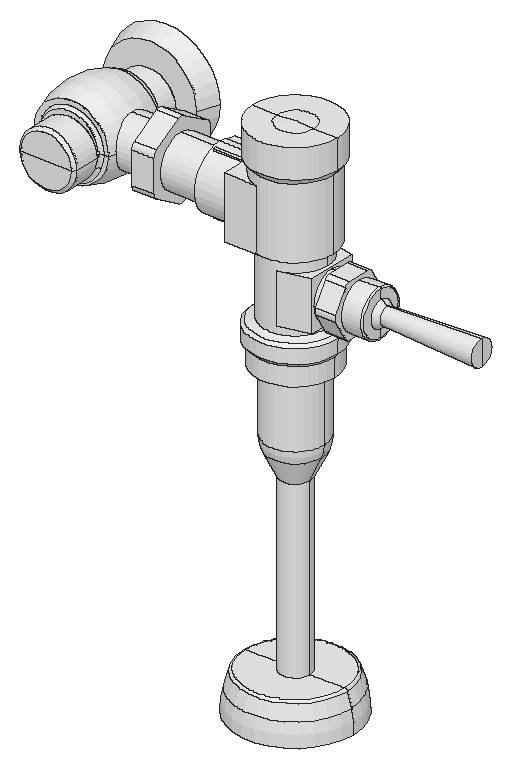
Revit family
Parameters (values of type "6045.051.002")
  Waste Connection = no
  WFU = 0
  Vent Connection = no
  URL = "http://www.americanstandard-us.com/"
  Type Comments = ""
  Revised Date = "14/12/2011"
  Product URL = "http://www.americanstandard-us.com/searchResultsGlobal.aspx?k=6045.051"
  Phone # = "416-250-5656"
  Model = "6045.051.002"
  Material = Chrome Plated
  Manufacturer = "American Standard"
  Keynote = ""
  HWFU = 0
  HW Connection = no
  Designed By = "ATS BIM Team"
  Description = "Flush Valve, C.P. high efficiency, 1.9 LPF (0.5 GPF) factory set flow, self-cleaning brass piston with integral wiper spring prevents clogging, non-hold handle, positive seal, cloramine-resistant EPDM seals, high pressure vacuum breaker."
  Cost = 0
  CWFU = 0
  CW Connection = yes
  Assembly Code = "D2030400"
Reference planes (in)
  plane 1: y = 0
  plane 2: z = 0
  plane 3: x = 0
  plane 4: y = 11.66552
  plane 5: x = -5.14629
Forms (in)
  Revolve 1, solid, material "Chrome Plated" <- "Material"
    sketch origin (0, 9.42098, -0.07412) x (-1, 0, 0) y (0, 0, 1)
      loop
        line (0, 0) -> (1.50577, 0)
        arc (1.50577, 0) -> (1.49945, 0.29162) -> (1.445, 0.57819) r 1.75769
        line (1.445, 0.57819) -> (1.33094, 0.92922)
        arc (1.33094, 0.92922) -> (1.30662, 0.96527) -> (1.2669, 0.98296) r 0.07888
        line (1.2669, 0.98296) -> (0.37401, 0.98296) -> (0.37401, 5.43922) -> (0.68219, 6.07107)
        arc (0.68219, 6.07107) -> (0.73141, 6.22565) -> (0.74805, 6.38702) r 0.79077
        line (0.74805, 6.38702) -> (0.74805, 8.02362) -> (1.00391, 8.02362) -> (1.00391, 8.49728) -> (1.09953, 8.59291) -> (1.09953, 8.95028) -> (1.02226, 9.02756)
        arc (1.02226, 9.02756) -> (0.91866, 9.05142) -> (0.82145, 9.09444) r 0.55948
        line (0.82145, 9.09444) -> (0.82145, 10.85693) -> (0.97283, 10.85693) -> (0.97283, 12.66717)
        arc (0.97283, 12.66717) -> (1.02604, 12.74138) -> (1.08292, 12.81282) r 1.81095
        line (1.08292, 12.81282) -> (1.08292, 13.55512) -> (0.46629, 13.55512)
        arc (0.46629, 13.55512) -> (0.23344, 13.57212) -> (0, 13.57522) r 3.91577
        line (0, 13.57522) -> (0, 0)
      axis (0, 0) -> (0, 13.57522)
    angle from 0 to 360
  Revolve 2, solid, material "Chrome Plated" <- "Material"
    sketch origin (0, 9.42098, -0.07412) x (-1, 0, 0) y (0, 0, 1)
      loop
        line (0, 8.02362) -> (1.00391, 8.02362) -> (1.00391, 8.49728) -> (1.09953, 8.59291) -> (1.09953, 8.95028) -> (1.02226, 9.02756)
        arc (1.02226, 9.02756) -> (0.91906, 9.05261) -> (0.82145, 9.09444) r 0.63729
        line (0.82145, 9.09444) -> (0.82145, 10.85693) -> (0, 10.85693) -> (0, 8.02362)
      axis (0, 8.02362) -> (0, 10.85693)
    angle from 0 to 360
  Revolve 3, solid, material "Chrome Plated" <- "Material"
    sketch origin (0, 9.42098, -0.07412) x (-1, 0, 0) y (0, 0, 1)
      loop
        line (0, 13.57527) -> (0, 10.85693) -> (0.97283, 10.85693) -> (0.97283, 12.66717)
        arc (0.97283, 12.66717) -> (1.02399, 12.74293) -> (1.08292, 12.81282) r 0.85918
        line (1.08292, 12.81282) -> (1.08292, 13.55512) -> (0.46629, 13.55512)
        arc (0.46629, 13.55512) -> (0.23337, 13.57037) -> (0, 13.57527) r 5.25547
      axis (0, 10.85693) -> (0, 13.57527)
    angle from 0 to 360
  Revolve 4, solid, material "Chrome Plated" <- "Material"
    sketch origin (0, 9.42098, -0.07412) x (-1, 0, 0) y (0, 0, 1)
      loop
        line (-0.93307, 9.91339) -> (-0.93307, 10.50395) -> (-2.14914, 10.50395)
        arc (-2.14914, 10.50395) -> (-2.1741, 10.49564) -> (-2.18898, 10.47393) r 0.04129
        line (-2.18898, 10.47393) -> (-2.18898, 10.24225)
        arc (-2.18898, 10.24225) -> (-2.26995, 10.19561) -> (-2.3371, 10.13063) r 0.38013
        line (-2.3371, 10.13063) -> (-4.77165, 10.22945) -> (-4.77165, 9.91339) -> (-0.93307, 9.91339)
      axis (-0.93307, 9.91339) -> (-4.77165, 9.91339)
    angle from 0 to 360
  Extrusion 5, solid, material "Chrome Plated" <- "Material"
    sketch origin (0, 1.6649, 11.83241) x (0, 1, 0) y (-1, 0, 0)
      loop
        line (8.4057, -0.93307) -> (8.56538, -0.16916)
        arc (8.56538, -0.16916) -> (7.7561, -0.7315) -> (6.94682, -0.16916) r 0.8635
        line (6.94682, -0.16916) -> (7.10649, -0.93307) -> (7.7561, -0.93307) -> (8.4057, -0.93307)
    from -2.62306 to -1.36322
  Revolve 6, solid, material "Chrome Plated" <- "Material"
    sketch origin (0, 9.42098, -0.12099) x (-1, 0, 0) y (0, 0, 1)
      loop
        line (0.96366, 11.66552) -> (3.11019, 11.66552) -> (3.11019, 12.32328) -> (1.92913, 12.32328) -> (1.92913, 12.47589) -> (0.96366, 12.47589) -> (0.96366, 11.66552)
      axis (0.96366, 11.66552) -> (3.11019, 11.66552)
    angle from 0 to 360
  Revolve 7, solid, material "Chrome Plated" <- "Material"
    sketch origin (0, 9.42098, -0.07412) x (-1, 0, 0) y (0, 0, 1)
      loop
        line (3.4252, 12.31102) -> (3.4252, 11.66552) -> (4.31102, 11.66552) -> (4.31102, 12.31102) -> (3.4252, 12.31102)
      axis (3.4252, 11.66552) -> (4.31102, 11.66552)
    angle from 0 to 360
  Extrusion 8, solid, material "Chrome Plated" <- "Material"
    sketch origin (0, 17.21386, 15.24714) x (-1, 0, 0) y (0, -1, 0)
      loop
        line (0, 8.72854) -> (0, 6.78366) -> (1.0748, 6.78366) -> (1.0748, 7.29095)
        arc (1.0748, 7.29095) -> (1.08487, 7.35779) -> (1.11417, 7.41871) r 0.22698
        line (1.11417, 7.41871) -> (1.85202, 7.41871) -> (1.91312, 7.64672) -> (1.91312, 7.86957) -> (1.85039, 8.10141) -> (1.11417, 8.10141)
        arc (1.11417, 8.10141) -> (1.0849, 8.15818) -> (1.0748, 8.22125) r 0.20208
        line (1.0748, 8.22125) -> (1.0748, 8.72854) -> (0, 8.72854)
    from -4.49314 to -2.91834
  Revolve 9, solid, material "Chrome Plated" <- "Material"
    sketch origin (0, 1.66873, 11.57531) x (0, 1, 0) y (-1, 0, 0)
      loop
        line (6.8728, 5.09952) -> (8.72848, 5.09952) -> (8.72848, 5.94336)
        arc (8.72848, 5.94336) -> (8.64744, 5.99616) -> (8.55079, 5.99992) r 0.18179
        line (8.55079, 5.99992) -> (8.55079, 6.05027)
        arc (8.55079, 6.05027) -> (7.7499, 6.2134) -> (6.94901, 6.05027) r 2.04757
        line (6.94901, 6.05027) -> (6.94901, 5.92573)
        arc (6.94901, 5.92573) -> (6.92669, 5.87184) -> (6.8728, 5.84952) r 0.07621
        line (6.8728, 5.84952) -> (6.8728, 5.09952)
      axis (6.8728, 5.09952) -> (8.72848, 5.09952)
    angle from 0 to 360
  Revolve 10, solid, material "Chrome Plated" <- "Material"
    sketch origin (0, 1.66867, 11.47112) x (0, 1, 0) y (-1, 0, 0)
      loop
        line (6.94901, 5.11811) -> (6.16161, 5.11811) -> (6.16161, 4.4685) -> (6.23927, 4.39084) -> (6.8693, 4.39084)
        arc (6.8693, 4.39084) -> (6.92566, 4.36749) -> (6.94901, 4.31113) r 0.07971
        line (6.94901, 4.31113) -> (6.94901, 5.11811)
      axis (6.94901, 5.11811) -> (6.16161, 5.11811)
    angle from 0 to 360
  Revolve 11, solid, material "Chrome Plated" <- "Material"
    sketch origin (0, 17.31532, 11.47112) x (0, 1, 0) y (-1, 0, 0)
      loop
        line (-6.94901, 5.11811) -> (-6.94901, 4.31113)
        arc (-6.94901, 4.31113) -> (-6.92566, 4.36749) -> (-6.8693, 4.39084) r 0.07971
        line (-6.8693, 4.39084) -> (-6.23927, 4.39084) -> (-6.16161, 4.4685) -> (-6.16161, 5.11811) -> (-6.94901, 5.11811)
      axis (-6.94901, 5.11811) -> (-6.16161, 5.11811)
    angle from 0 to 360
  Extrusion 12, solid, material "Chrome Plated" <- "Material"
    sketch origin (-1.85528, 9.12127, 13.46381) x (0, -1, 0) y (0, 0, -1)
      loop
        line (-0.71375, 4.21726) -> (-1.01175, 3.70112)
        arc (-1.01175, 3.70112) -> (-1.03226, 3.62455) -> (-1.01175, 3.54797) r 0.15315
        line (-1.01175, 3.54797) -> (-0.71375, 3.03183)
        arc (-0.71375, 3.03183) -> (-0.6577, 2.97577) -> (-0.58112, 2.95525) r 0.15315
        line (-0.58112, 2.95525) -> (0.01487, 2.95525)
        arc (0.01487, 2.95525) -> (0.09144, 2.97577) -> (0.1475, 3.03183) r 0.15315
        line (0.1475, 3.03183) -> (0.44549, 3.54797)
        arc (0.44549, 3.54797) -> (0.46601, 3.62455) -> (0.44549, 3.70112) r 0.15315
        line (0.44549, 3.70112) -> (0.1475, 4.21726)
        arc (0.1475, 4.21726) -> (0.09144, 4.27332) -> (0.01487, 4.29384) r 0.15315
        line (0.01487, 4.29384) -> (-0.58112, 4.29384)
        arc (-0.58112, 4.29384) -> (-0.6577, 4.27332) -> (-0.71375, 4.21726) r 0.15315
    from 2.98127 to 3.49308
  Extrusion 13, solid, material "Chrome Plated" <- "Material"
    sketch origin (-1.85528, 9.1842, 13.46381) x (0, -1, 0) y (0, 0, -1)
      loop
        line (-0.37048, 2.88438) -> (-1.0816, 2.47381)
        arc (-1.0816, 2.47381) -> (-1.13404, 2.40322) -> (-1.16895, 2.32251) r 0.38188
        line (-1.16895, 2.32251) -> (-1.16895, 1.50138)
        arc (-1.16895, 1.50138) -> (-1.14555, 1.41403) -> (-1.0816, 1.35008) r 0.17471
        line (-1.0816, 1.35008) -> (-0.37048, 0.93952)
        arc (-0.37048, 0.93952) -> (-0.28313, 0.91611) -> (-0.19577, 0.93952) r 0.17471
        line (-0.19577, 0.93952) -> (0.51535, 1.35008)
        arc (0.51535, 1.35008) -> (0.57929, 1.41403) -> (0.6027, 1.50138) r 0.17471
        line (0.6027, 1.50138) -> (0.6027, 2.32251)
        arc (0.6027, 2.32251) -> (0.57929, 2.40987) -> (0.51535, 2.47381) r 0.17471
        line (0.51535, 2.47381) -> (-0.19577, 2.88438)
        arc (-0.19577, 2.88438) -> (-0.28313, 2.90778) -> (-0.37048, 2.88438) r 0.17471
    from -1.6644 to -1.09354
  Blend 14, solid, material "Chrome Plated" <- "Material"
    base sketch origin (-10.2644, 11.66552, 23.20872) x (1, 0, 0) y (0, 0, 1)
      loop
        circle (5.14629, -11.64712) r 1.37795
    top sketch origin (-10.2644, 11.66552, 23.20872) x (1, 0, 0) y (0, 0, 1)
      loop
        circle (5.14629, -11.64712) r 1.20547
    from 0 to 0.51181
  Extrusion 15, solid, material "Chrome Plated" <- "Material"
    sketch origin (0, 11.77419, 23.8358) x (1, 0, 0) y (0, 0, 1)
      loop
        circle (-5.14629, -12.27419) r 0.5
    from -0.2035 to 0.10867
Cuts and joins
  joined: Revolve 4, Extrusion 5, Extrusion 12
  joined: Revolve 1, Revolve 2, Revolve 3, Revolve 6, Revolve 7, Extrusion 8, Extrusion 13
  joined: Revolve 11, Blend 14
